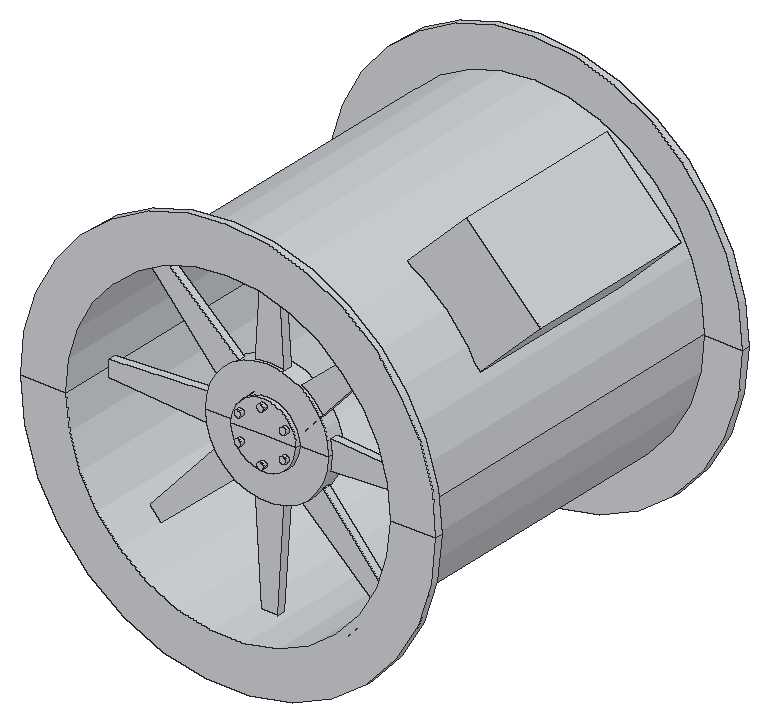
Revit family "CADS_Vent-Axia_MechEquip_Fan_LCA_250_3Ph2P - SUPPLY", category Mechanical Equipment, Revit 2020
Family settings
  Round Connector Dimension = Use Diameter
  Part Type = Normal
  OmniClass Number = 23.75.00.00
  OmniClass Title = Climate Control (HVAC)
  Work Plane-Based = No
  Always vertical = Yes
  Cut with Voids When Loaded = No
  Shared = No
  Room Calculation Point = No
Parameters (values of type "LCA253225")
  nr = NominalDiameter / 2  # 125 mm
  WorkingPressure = 0.0 Pa
  WarrantyStartDate [instance] = "1900-12-31T23:59:59"
  WarrantyPeriod = ""
  WarrantyIdentifier = "N/A"
  WarrantyGuarantorParts = "tech@vent-axia.com"
  WarrantyGuarantorLabor = "tech@vent-axia.com"
  WarrantyGuarantor = "Vent-Axia Limited"
  WarrantyEndDate [instance] = "1900-12-31T23:59:59"
  WarrantyContent = ""
  TemperatureRange = ""
  TagNumber [instance] = "N/A"
  SustainabilityPerformance = ""
  Status = "New"
  Size = ""
  Shape = ""
  ServiceLifeType = ""
  ServiceLifeDuration = ""
  SerialNumber [instance] = "N/A"
  ReplacementCost = ""
  RatedVoltage = 0 V
  RatedCurrent = 0 A
  Quantity = 1
  ProductionYear = ""
  PressureCurve = ""
  PowerFactor = ""
  PointOfContact = ""
  NumberOfPoles = 0
  NominalWidth = 250 mm
  NominalLength = 300 mm
  NominalHeight = 250 mm
  NominalFrequencyRange = ""
  NominalDiameter = 250 mm
  ModelReference = "LCAX 250mm 3PH 2P 25DEG"
  ModelNumber = "LCA253225"
  Material = ""
  ManufacturerE-Mail = "tech@vent-axia.com"
  ManufacturerAddress = "Fleming Way\nCrawley \nRH10 9YX"
  IsExtendedWarranty = no
  InsulationStandardClass = ""
  InstallationDate [instance] = "1900-12-31T23:59:59"
  IfcExportType [instance] = ""
  IfcExportAs = "IfcFanType"
  IP_Code = ""
  HasProtectiveEarth = no
  GrossWeight = 0.00 kg
  Grade = ""
  GlobalTradeItemNumber [instance] = "N/A"
  Fitting Type = "Ignore"
  Finish = ""
  Features = ""
  ExteriorInsulation = no
  ExpectedServiceLife = 0
  Exclusions = ""
  DurationUnit = "Year"
  Default Elevation = 0 mm
  Constituents = ""
  ConductorFunction = ""
  Color = ""
  CodePerformance = ""
  Category = ""
  CADS_Usage = 0
  CADS_Index = 0
  AssetType = "FIXED"
  AssetIdentifier [instance] = "N/A"
  AssemblyPlace = "UNKNOWN"
  ArticleNumber [instance] = "N/A"
  AirflowRateRange = 0.0 L/s
  Air Flow [instance] = 0.0 L/s
  AccessibilityPerformance = ""
Types (4, lengths in mm): name | ModelReference | ModelNumber
  LCA253225 | "LCAX 250mm 3PH 2P 25DEG" | "LCA253225"
  LCA253230 | "LCAX 250mm 3PH 2P 30DEG" | "LCA253230"
  LCA253235 | "LCAX 250mm 3PH 2P 35DEG" | "LCA253235"
  LCA253240 | "LCAX 250mm 3PH 2P 40DEG" | "LCA253240"
Reference planes
  plane 1 "Center (Front/Back)": y = 0
  plane 2: z = 0
  plane 3 "Center (Left/Right)": x = 0
  plane 4: x = -125
  plane 5: x = 125
  plane 6 "F": y = -150
  plane 7 "B": y = 150
  plane 8: x = -160
  plane 9: y = 145
  plane 10: y = -145
  plane 11: x = -130
  plane 12: y = -110
  plane 13 "top": z = 125
  plane 14: z = -125
  plane 15 "45deg": through (0, -1524, 0) normal (-0.7071, 0, -0.7071)
  plane 16 "C": through (0, -1524, 0) normal (-0.7071, 0, 0.7071)
Forms (mm)
  Revolve 1, solid
    sketch origin (0, 0, 0) x (1, 0, 0) y (0, 1, 0)
      loop
        line (-160, -150) -> (-125, -150) -> (-125, 150) -> (-160, 150) -> (-160, 145) -> (-130, 145) -> (-130, -145) -> (-160, -145) -> (-160, -150)
      axis (0, 150) -> (0, -150)
    angle from 0 to 360
  Sweep 2, solid
    path origin (0, 0, 0) x (1, 0, 0) y (0, 0, 1)
      loop
        line (88.388, 88.388) -> (134.35, 134.35)
    profile origin (111.369, 0, 111.369) x (-0.707107, 0, 0.707107) y (0, -1, 0)
      loop
        line (37.5, 55) -> (-42.73, 55) -> (-42.73, -79.5) -> (37.5, -79.5) -> (37.5, 55)
Dimensions and locks
  equal spacing: plane 4, plane 3 "Center (Left/Right)", plane 5
  equal spacing: plane 7 "B", plane 1 "Center (Front/Back)", plane 6 "F"
  "NominalLength": plane 7 "B" to plane 6 "F"
  "NominalDiameter": plane 4 to plane 5
  locked: plane 11 to plane 4 at 5
  locked: plane 8 to plane 11 at 30
  locked: plane 6 "F" to plane 10 at 5
  locked: plane 7 "B" to plane 9 at 5
  locked: plane 6 "F" to plane 12 at 40
  equal spacing: plane 13 "top", level, plane 14
  "NominalDiameter": plane 13 "top" to plane 14
  "nr": Sweep 2 sketch curve to nested 13
  Sweep 2 sketch curve to Sweep 2 sketch curve = 65 mm
  aligned and locked: level to plane 2
  aligned and locked: nested 1 to plane 12
Automatic sketch dimensions
  plane 6 "F" to Revolve 1 sketch curve = 0 mm
  Revolve 1 sketch curve to plane 8 = 0 mm  (x2)
  plane 10 to Revolve 1 sketch curve = 0 mm
  Revolve 1 sketch curve to plane 11 = 0 mm
  Revolve 1 sketch curve to plane 4 = 0 mm
  Revolve 1 sketch curve to plane 3 "Center (Left/Right)" = 0 mm
  plane 1 "Center (Front/Back)" to Revolve 1 sketch curve = 0 mm
  Revolve 1 sketch curve to plane 9 = 0 mm
  Revolve 1 sketch curve to plane 7 "B" = 0 mm
  plane 6 "F" to Revolve 1 sketch curve = 115 mm
  plane 1 "Center (Front/Back)" to Sweep 2 sketch curve = 55 mm
  Sweep 2 sketch curve to profile plane = 37.5 mm
  Sweep 2 sketch curve to Sweep 2 sketch curve = 80.23 mm
  Sweep 2 sketch curve to Sweep 2 sketch curve = 134.5 mm
  Sweep 2 sketch curve to plane 16 "C" = 0 mm  (x2)
Nested families
  nested 1: "Fan for ESC" at (0, -110, 0), ND <- "NominalDiameter", type "Fan for ESC"
    with hub 25 mm, ND 250 mm, BoltPCD 20 mm, Bolt Count 6, B_Diam 5 mm
  nested 2: "Bolts" at (17.321, -119.172, -10) x (-0.5, 0, -0.866) z (0, 1, 0), type "Bolts"
    with bd 5 mm
  nested 3: "Bolts" at (0, -119.172, -20) x (-1, 0, 0) z (0, 1, 0), type "Bolts"
    with bd 5 mm
  nested 4: "Bolts" at (-17.321, -119.172, -10) x (-0.5, 0, 0.866) z (0, 1, 0), type "Bolts"
    with bd 5 mm
  nested 5: "Bolts" at (-17.321, -119.172, 10) x (0.5, 0, 0.866) z (0, 1, 0), type "Bolts"
    with bd 5 mm
  nested 6: "Bolts" at (17.321, -119.172, 10) x (0.5, 0, -0.866) z (0, 1, 0), type "Bolts"
    with bd 5 mm
  nested 7: "Bolts" at (0, -119.172, 20) x (1, 0, 0) z (0, 1, 0), type "Bolts"
    with bd 5 mm
  nested 8: "ESC Blade" at (0, -110, 0), type "ESC Blade"
    with a 20.00°, HR 25 mm, HD 50 mm, BT 12.5 mm, BR 100 mm, BH 40 mm, BD 250 mm, BB 25 mm
  nested 9: "ESC Blade" at (0, -110, 0) x (0.7071, 0, -0.7071) z (0.7071, 0, 0.7071), type "ESC Blade"
    with a 20.00°, HR 25 mm, HD 50 mm, BT 12.5 mm, BR 100 mm, BH 40 mm, BD 250 mm, BB 25 mm
  nested 10: "ESC Blade" at (0, -110, 0) x (0, 0, -1) z (1, 0, 0), type "ESC Blade"
    with a 20.00°, HR 25 mm, HD 50 mm, BT 12.5 mm, BR 100 mm, BH 40 mm, BD 250 mm, BB 25 mm
  nested 11: "ESC Blade" at (0, -110, 0) x (-0.7071, 0, -0.7071) z (0.7071, 0, -0.7071), type "ESC Blade"
    with a 20.00°, HR 25 mm, HD 50 mm, BT 12.5 mm, BR 100 mm, BH 40 mm, BD 250 mm, BB 25 mm
  nested 12: "ESC Blade" at (0, -110, 0) x (-1, 0, 0) z (0, 0, -1), type "ESC Blade"
    with a 20.00°, HR 25 mm, HD 50 mm, BT 12.5 mm, BR 100 mm, BH 40 mm, BD 250 mm, BB 25 mm
  nested 13: "ESC Blade" at (0, -110, 0) x (-0.7071, 0, -0.7071) z (-0.7071, 0, 0.7071), type "ESC Blade"
    with a 20.00°, HR 25 mm, HD 50 mm, BT 12.5 mm, BR 100 mm, BH 40 mm, BD 250 mm, BB 25 mm
  nested 14: "ESC Blade" at (0, -110, 0) x (0, 0, -1) z (-1, 0, 0), type "ESC Blade"
    with a 20.00°, HR 25 mm, HD 50 mm, BT 12.5 mm, BR 100 mm, BH 40 mm, BD 250 mm, BB 25 mm
  nested 15: "ESC Blade" at (0, -110, 0) x (0.7071, 0, -0.7071) z (-0.7071, 0, -0.7071), type "ESC Blade"
    with a 20.00°, HR 25 mm, HD 50 mm, BT 12.5 mm, BR 100 mm, BH 40 mm, BD 250 mm, BB 25 mm
Connectors
  hvac at (0, -150, 0), driven by "NominalDiameter", driven by "Air Flow"
    settings: on Revolve 1, index 1, duct flow 0.0 L/s, flow factor 0, pres drop 0.0 Pa, loss coef 0, conn angle 0.00°, conn width 304.8 mm, conn height 304.8 mm, conn diameter 250 mm, duct sys type 1, conn prof type 0, flow config 1, flow direction 1, loss method 0, conn ref index -1, conn util no, is conn primary yes, conn desc ""
  hvac at (0, 150, 0), driven by "NominalDiameter", driven by "Air Flow"
    settings: on Revolve 1, index 2, duct flow 0.0 L/s, flow factor 0, pres drop 0.0 Pa, loss coef 0, conn angle 0.00°, conn width 304.8 mm, conn height 304.8 mm, conn diameter 250 mm, duct sys type 1, conn prof type 0, flow config 0, flow direction 2, loss method 0, conn ref index -1, conn util no, is conn primary no, conn desc ""
Definition of nested family "Fan for ESC"
  Parameters (values of type "Fan for ESC")
    hub [instance] = ND / 10  # 56.7 mm
    ND [instance] = 567 mm
    Model = "."
    Default Elevation = 0 mm
    BoltPCD [instance] = hub - (hub * 0.2)  # 45.36 mm
    Bolt Count [instance] = if(hub < 50 mm, 6, 8)  # 8
    B_Diam [instance] = if(hub < 50 mm, 5 mm, 10 mm)  # 10 mm
  Reference planes
    plane 1 "Center (Front/Back)": y = 0
    plane 2: z = 0
    plane 3 "Center (Left/Right)": x = 0
    plane 4 "back": y = 20
    plane 5 "bolts": y = -9.172
    plane 6 "B": z = 56.7
    plane 7: x = -79.287
    plane 8: x = -56.7
    plane 9 "hubface": y = -6.172
  Forms (mm)
    Revolve 1, solid
      sketch origin (0, 0, 0) x (1, 0, 0) y (0, 1, 0)
        loop
          line (0, 20) -> (-56.7, 20) -> (-56.7, 10.504) -> (-79.287, 10.504) -> (-79.287, -2.597) -> (-56.7, -2.597) -> (-56.7, -6.172) -> (0, -6.172) -> (0, 20)
        axis (0, 20) -> (0, -6.172)
      angle from 0 to 360
    Extrusion 2, solid, not visible
      sketch origin (0, -6.347, -4) x (-1, 0, 0) y (0, 0, 1)
        loop
          circle (0, 84) r 5
      from 0 to 3
  Lines and regions (mm)
    symbolic lines
      curve 1: circle (0, -9.172, 0) r 45.36 normal (0, 1, 0)
    model lines, not visible
      curve 2: line (0, -6.347, 85) -> (0, -6.347, 75)
  Dimensions and locks
    "hub": plane 6 "B" to plane 2
    "hub": nested 3 to plane 3 "Center (Left/Right)"
    "hub": nested 4 to plane 3 "Center (Left/Right)"
    "hub": nested 5 to plane 3 "Center (Left/Right)"
    "hub": plane 3 "Center (Left/Right)" to nested 6
    "hub": Revolve 1 sketch curve to Revolve 1 sketch curve
    "hub": plane 3 "Center (Left/Right)" to nested 7
    "hub": plane 3 "Center (Left/Right)" to nested 8
    "hub": plane 3 "Center (Left/Right)" to nested 9
    "hub": plane 8 to plane 3 "Center (Left/Right)"
    plane 7 to plane 8 = 22.587 mm
    diameter of Extrusion 2 sketch curve = 10 mm
    "BoltPCD": radius of curve 1
    "BoltPCD": radius of radial array
    aligned and locked: level to plane 2
    aligned and locked: plane 6 "B" to nested 1
  Automatic sketch dimensions
    Revolve 1 sketch curve to plane 7 = 0 mm
    Revolve 1 sketch curve to plane 8 = 0 mm  (x2)
    Revolve 1 sketch curve to plane 3 "Center (Left/Right)" = 0 mm
    Revolve 1 sketch curve to plane 9 "hubface" = 0 mm
    plane 4 "back" to Revolve 1 sketch curve = 0 mm
    plane 1 "Center (Front/Back)" to Revolve 1 sketch curve = 2.597 mm
    plane 4 "back" to Revolve 1 sketch curve = 9.496 mm
    Revolve 1 sketch curve to Revolve 1 sketch curve = 5 mm
    Revolve 1 sketch curve to plane 4 "back" = 45 mm
    curve 1 to level = 0 mm
    curve 1 to plane 3 "Center (Left/Right)" = 0 mm
  Nested families
    nested 1: "ESC Blade" at (0, 0, 0), BD <- "ND", HD <- "hub", type "ESC Blade"
      with a 20.00°, HR 56.7 mm, HD 113.4 mm, BT 28.35 mm, BR 226.8 mm, BH 40 mm, BD 567 mm, BB 56.7 mm
    nested 2: "ESC Blade" at (0, 0, 755), BD <- "ND", HD <- "hub", type "ESC Blade", not visible
      with a 20.00°, HR 56.7 mm, HD 113.4 mm, BT 28.35 mm, BR 226.8 mm, BH 40 mm, BD 567 mm, BB 56.7 mm
    nested 3: "ESC Blade" at (0, 0, 0) x (0.7071, 0, -0.7071) z (0.7071, 0, 0.7071), BD <- "ND", HD <- "hub", type "ESC Blade"
      with a 20.00°, HR 56.7 mm, HD 113.4 mm, BT 28.35 mm, BR 226.8 mm, BH 40 mm, BD 567 mm, BB 56.7 mm
    nested 4: "ESC Blade" at (0, 0, 0) x (0, 0, -1) z (1, 0, 0), BD <- "ND", HD <- "hub", type "ESC Blade"
      with a 20.00°, HR 56.7 mm, HD 113.4 mm, BT 28.35 mm, BR 226.8 mm, BH 40 mm, BD 567 mm, BB 56.7 mm
    nested 5: "ESC Blade" at (0, 0, 0) x (-0.7071, 0, -0.7071) z (0.7071, 0, -0.7071), BD <- "ND", HD <- "hub", type "ESC Blade"
      with a 20.00°, HR 56.7 mm, HD 113.4 mm, BT 28.35 mm, BR 226.8 mm, BH 40 mm, BD 567 mm, BB 56.7 mm
    nested 6: "ESC Blade" at (0, 0, 0) x (-1, 0, 0) z (0, 0, -1), BD <- "ND", HD <- "hub", type "ESC Blade"
      with a 20.00°, HR 56.7 mm, HD 113.4 mm, BT 28.35 mm, BR 226.8 mm, BH 40 mm, BD 567 mm, BB 56.7 mm
    nested 7: "ESC Blade" at (0, 0, 0) x (-0.7071, 0, -0.7071) z (-0.7071, 0, 0.7071), BD <- "ND", HD <- "hub", type "ESC Blade"
      with a 20.00°, HR 56.7 mm, HD 113.4 mm, BT 28.35 mm, BR 226.8 mm, BH 40 mm, BD 567 mm, BB 56.7 mm
    nested 8: "ESC Blade" at (0, 0, 0) x (0, 0, -1) z (-1, 0, 0), BD <- "ND", HD <- "hub", type "ESC Blade"
      with a 20.00°, HR 56.7 mm, HD 113.4 mm, BT 28.35 mm, BR 226.8 mm, BH 40 mm, BD 567 mm, BB 56.7 mm
    nested 9: "ESC Blade" at (0, 0, 0) x (0.7071, 0, -0.7071) z (-0.7071, 0, -0.7071), BD <- "ND", HD <- "hub", type "ESC Blade"
      with a 20.00°, HR 56.7 mm, HD 113.4 mm, BT 28.35 mm, BR 226.8 mm, BH 40 mm, BD 567 mm, BB 56.7 mm
    nested 10: "Bolts" at (0, -9.172, 45.36) x (1, 0, 0) z (0, 1, 0), bd <- "B_Diam", type "Bolts"
      with bd 10 mm
    nested 11: "Bolts" at (32.074, -9.172, 32.074) x (0.7071, 0, -0.7071) z (0, 1, 0), bd <- "B_Diam", type "Bolts"
      with bd 10 mm
    nested 12: "Bolts" at (-32.074, -9.172, 32.074) x (0.7071, 0, 0.7071) z (0, 1, 0), bd <- "B_Diam", type "Bolts"
      with bd 10 mm
    nested 13: "Bolts" at (-45.36, -9.172, 0) x (0, 0, 1) z (0, 1, 0), bd <- "B_Diam", type "Bolts"
      with bd 10 mm
    nested 14: "Bolts" at (-32.074, -9.172, -32.074) x (-0.7071, 0, 0.7071) z (0, 1, 0), bd <- "B_Diam", type "Bolts"
      with bd 10 mm
    nested 15: "Bolts" at (0, -9.172, -45.36) x (-1, 0, 0) z (0, 1, 0), bd <- "B_Diam", type "Bolts"
      with bd 10 mm
    nested 16: "Bolts" at (32.074, -9.172, -32.074) x (-0.7071, 0, -0.7071) z (0, 1, 0), bd <- "B_Diam", type "Bolts"
      with bd 10 mm
    nested 17: "Bolts" at (45.36, -9.172, 0) x (0, 0, -1) z (0, 1, 0), bd <- "B_Diam", type "Bolts"
      with bd 10 mm
  Definition of nested family "ESC Blade"
    Parameters (values of type "ESC Blade")
      a [instance] = 20.00°
      HR [instance] = HD / 2  # 30 mm
      HD [instance] = BD / 5  # 60 mm
      Default Elevation = 1219.2 mm
      BT [instance] = BD / 20  # 15 mm
      BR [instance] = (BD / 2) - HR  # 120 mm
      BH [instance] = 40 mm
      BD [instance] = 300 mm
      BB [instance] = BD / 10  # 30 mm
    Reference planes
      plane 1 "Center (Front/Back)": y = 0
      plane 2: z = 0
      plane 3 "Center (Left/Right)": x = 0
      plane 4 "Blade Bot": z = 30
      plane 5: x = -15
      plane 6: x = 15
      plane 7: x = -7.5
      plane 8: x = 7.5
    Forms (mm)
      Blend 1, solid
        base sketch origin (0, 0, 30) x (-1, 0, 0) y (0, -1, 0)
          loop
            line (15, 0) -> (-15, 0) -> (-15, -6) -> (15, -6) -> (15, 0)
        top sketch origin (0, 0, 30) x (-1, 0, 0) y (0, -1, 0)
          loop
            line (7.5, -6) -> (7.5, 0) -> (-7.5, 0) -> (-7.5, -6) -> (7.5, -6)
        from 0 to 120 <- "BR"
    Dimensions and locks
      "HR": plane 4 "Blade Bot" to level
      equal spacing: plane 8, plane 3 "Center (Left/Right)", plane 7
      "BT": plane 8 to plane 7
      equal spacing: plane 6, plane 3 "Center (Left/Right)", plane 5
      "BB": plane 6 to plane 5
      aligned and locked: level to plane 2
    Automatic sketch dimensions
      plane 1 "Center (Front/Back)" to Blend 1 sketch curve = 0 mm  (x2)
      Blend 1 sketch curve to plane 6 = 0 mm
      Blend 1 sketch curve to plane 5 = 0 mm
      Blend 1 sketch curve to plane 1 "Center (Front/Back)" = 6 mm  (x2)
      Blend 1 sketch curve to plane 8 = 0 mm
      Blend 1 sketch curve to plane 7 = 0 mm
  Definition of nested family "Bolts"
    Parameters
      bd [instance] = 10 mm
      Default Elevation = 1219.2 mm
    Reference planes
      plane 1 "Center (Front/Back)": y = 0
      plane 2: z = 0
      plane 3 "Center (Left/Right)": x = 0
    Forms (mm)
      Extrusion 1, solid
        sketch origin (0, 0, 0) x (1, 0, 0) y (0, 1, 0)
          loop
            line (-1219.2, 1219.2) -> (-1219.2, -1219.2) -> (1219.2, -1219.2) -> (1219.2, 1219.2) -> (-1219.2, 1219.2)
        from 0 to -304.8
      Extrusion 2, solid
        sketch origin (0, 0, 0) x (1, 0, 0) y (0, 1, 0)
          loop
            circle (0, 0) r 5
        from 0 to 3
    Dimensions and locks
      "bd": diameter of Extrusion 2 sketch curve
      aligned and locked: plane 2 to Extrusion 1
      aligned and locked: level to Extrusion 1
    Automatic sketch dimensions
      Extrusion 1 sketch curve to Extrusion 1 sketch curve = 2438.4 mm  (x2)
      plane 1 "Center (Front/Back)" to Extrusion 2 sketch curve = 0 mm
      Extrusion 2 sketch curve to plane 3 "Center (Left/Right)" = 0 mm
Definition of nested family "Bolts"
  Parameters
    bd [instance] = 10 mm
    Default Elevation = 1219.2 mm
  Reference planes
    plane 1 "Center (Front/Back)": y = 0
    plane 2: z = 0
    plane 3 "Center (Left/Right)": x = 0
  Forms (mm)
    Extrusion 1, solid
      sketch origin (0, 0, 0) x (1, 0, 0) y (0, 1, 0)
        loop
          line (-1219.2, 1219.2) -> (-1219.2, -1219.2) -> (1219.2, -1219.2) -> (1219.2, 1219.2) -> (-1219.2, 1219.2)
      from 0 to -304.8
    Extrusion 2, solid
      sketch origin (0, 0, 0) x (1, 0, 0) y (0, 1, 0)
        loop
          circle (0, 0) r 5
      from 0 to 3
  Dimensions and locks
    "bd": diameter of Extrusion 2 sketch curve
    aligned and locked: plane 2 to Extrusion 1
    aligned and locked: level to Extrusion 1
  Automatic sketch dimensions
    Extrusion 1 sketch curve to Extrusion 1 sketch curve = 2438.4 mm  (x2)
    plane 1 "Center (Front/Back)" to Extrusion 2 sketch curve = 0 mm
    Extrusion 2 sketch curve to plane 3 "Center (Left/Right)" = 0 mm
Definition of nested family "ESC Blade"
  Parameters (values of type "ESC Blade")
    a [instance] = 20.00°
    HR [instance] = HD / 2  # 30 mm
    HD [instance] = BD / 5  # 60 mm
    Default Elevation = 1219.2 mm
    BT [instance] = BD / 20  # 15 mm
    BR [instance] = (BD / 2) - HR  # 120 mm
    BH [instance] = 40 mm
    BD [instance] = 300 mm
    BB [instance] = BD / 10  # 30 mm
  Reference planes
    plane 1 "Center (Front/Back)": y = 0
    plane 2: z = 0
    plane 3 "Center (Left/Right)": x = 0
    plane 4 "Blade Bot": z = 30
    plane 5: x = -15
    plane 6: x = 15
    plane 7: x = -7.5
    plane 8: x = 7.5
  Forms (mm)
    Blend 1, solid
      base sketch origin (0, 0, 30) x (-1, 0, 0) y (0, -1, 0)
        loop
          line (15, 0) -> (-15, 0) -> (-15, -6) -> (15, -6) -> (15, 0)
      top sketch origin (0, 0, 30) x (-1, 0, 0) y (0, -1, 0)
        loop
          line (7.5, -6) -> (7.5, 0) -> (-7.5, 0) -> (-7.5, -6) -> (7.5, -6)
      from 0 to 120 <- "BR"
  Dimensions and locks
    "HR": plane 4 "Blade Bot" to level
    equal spacing: plane 8, plane 3 "Center (Left/Right)", plane 7
    "BT": plane 8 to plane 7
    equal spacing: plane 6, plane 3 "Center (Left/Right)", plane 5
    "BB": plane 6 to plane 5
    aligned and locked: level to plane 2
  Automatic sketch dimensions
    plane 1 "Center (Front/Back)" to Blend 1 sketch curve = 0 mm  (x2)
    Blend 1 sketch curve to plane 6 = 0 mm
    Blend 1 sketch curve to plane 5 = 0 mm
    Blend 1 sketch curve to plane 1 "Center (Front/Back)" = 6 mm  (x2)
    Blend 1 sketch curve to plane 8 = 0 mm
    Blend 1 sketch curve to plane 7 = 0 mm
